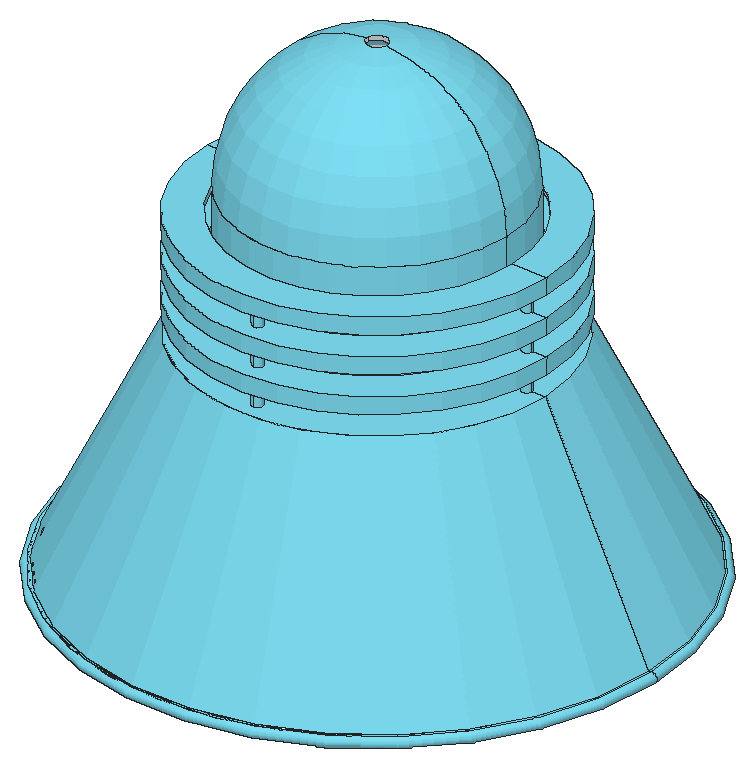
Revit family "SBHR14 SHADE", category Lighting Fixtures, Revit 2024
Family settings
  Round Connector Dimension = Use Diameter
  Part Type = Normal
  OmniClass Number = 23.80.70.00
  OmniClass Title = Lighting
  Work Plane-Based = No
  Always vertical = Yes
  Cut with Voids When Loaded = No
  Light Source = Yes
  Maintain Annotation Orientation = No
  Shared = No
  Room Calculation Point = No
Parameters
  Wattage = 12.1178 W
  built-in parameter 1150110 = 1 (stored number, unit not read)
  built-in parameter 1114217 = 1 (stored number, unit not read)
  built-in parameter 1150109 = 1 (stored number, unit not read)
  built-in parameter 1150134 = (empty or 0)
  built-in parameter 1150113 = 1 (stored number, unit not read)
  Lumens = 1800 lm
  built-in parameter 1150115 = 1 (stored number, unit not read)
  built-in parameter 1150105 = 572.96 (stored number, unit not read)
  Light Source Symbol Size = 2' - 0"
  built-in parameter 1150137 = (empty or 0)
  built-in parameter 1150139 = (empty or 0)
  built-in parameter 1150112 = 1 (stored number, unit not read)
  built-in parameter 1150114 = 1 (stored number, unit not read)
  built-in parameter 1150132 = 2
  built-in parameter 1150102 = (empty or 0)
  built-in parameter 1150138 = (empty or 0)
  built-in parameter 1150107 = 3000 (stored number, unit not read)
  built-in parameter 1150106 = 5.7296 (stored number, unit not read)
  built-in parameter 1150104 = 13.8 (stored number, unit not read)
  Dimming Lamp Color Temperature Shift = (empty or 0)
  Default Elevation = 0' - 0"
  Color Filter = 16777215
  built-in parameter 1114218 = 1 (stored number, unit not read)
  built-in parameter 1150133 = 10 (stored number, unit not read)
Reference planes (in)
  plane 1 "Light Source Axis (F/B)": y = 0
  plane 2: z = 0
  plane 3 "Light Source Axis (L/R)": x = 0
  plane 4 "Light Source Elevation": z = 84
Forms (in)
  Revolve 1, solid
    sketch origin (0, 0, 0) x (1, 0, 0) y (0, 0, 1)
      loop
        line (-6.75432, 84.15758) -> (-4.16008, 89.40625) -> (-3.15625, 89.40625) -> (-3.15625, 92.75)
        arc (-3.15625, 92.75) -> (-2.31851, 94.89159) -> (-0.25, 95.89633) r 3.15625
        line (-0.25, 95.89633) -> (-0.25, 95.99037)
        arc (-0.25, 95.99037) -> (-2.38485, 94.95794) -> (-3.25, 92.75) r 3.25
        line (-3.25, 92.75) -> (-3.25, 89.5) -> (-4.21832, 89.5) -> (-6.81322, 84.25) -> (-6.875, 84.25)
        arc (-6.875, 84.25) -> (-6.951, 84.02576) -> (-6.75432, 84.15758) r 0.125
      loop
        line (-2.09042, 91.48182) -> (-2.09042, 86.16167)
        arc (-2.09042, 86.16167) -> (-1.47815, 84.68352) -> (0, 84.07125) r 2.09042
        line (0, 84.07125) -> (0, 84.165)
        arc (0, 84.165) -> (-1.41186, 84.74981) -> (-1.99667, 86.16167) r 1.99667
        line (-1.99667, 86.16167) -> (-1.99667, 91.48182) -> (-2.09042, 91.48182)
      axis (0, 95.99037) -> (0, 84.07125)
    angle from 0 to 360
  Revolve 2, solid
    sketch origin (0, 0, 0) x (1, 0, 0) y (0, 0, 1)
      loop
        line (-3.40117, 92.18946) -> (-4.25, 92.18946) -> (-4.25, 91.79297) -> (-4.15625, 91.79297) -> (-4.15625, 92.09571) -> (-3.40117, 92.09571) -> (-3.40117, 92.18946)
      loop
        line (-3.40117, 91.29297) -> (-4.25, 91.29297) -> (-4.25, 90.89649) -> (-4.15625, 90.89649) -> (-4.15625, 91.19922) -> (-3.40117, 91.19922) -> (-3.40117, 91.29297)
      loop
        line (-3.40117, 90.39649) -> (-4.25, 90.39649) -> (-4.25, 90) -> (-4.15625, 90) -> (-4.15625, 90.30274) -> (-3.40117, 90.30274) -> (-3.40117, 90.39649)
      axis (0, 92.18946) -> (0, 90)
    angle from 0 to 360
  Sweep 3, solid
    path origin (0, 0, 0) x (1, 0, 0) y (0, 0, 1)
      loop
        line (-3.75, 89.5) -> (-3.75, 92.04408)
    profile origin (-3.75, 0, 90.77204) x (-1, 0, 0) y (0, -1, 0)
      loop
        circle (0, 0) r 0.125
  Sweep 4, solid
    path origin (0, 0, 0) x (0, -1, 0) y (0, 0, 1)
      loop
        line (-3.75, 89.5) -> (-3.75, 92.04408)
    profile origin (0, 3.75, 90.77204) x (0, 1, 0) y (-1, 0, 0)
      loop
        circle (0, 0) r 0.125
  Sweep 5, solid
    path origin (0, 0, 0) x (0, 1, 0) y (0, 0, 1)
      loop
        line (-3.75, 89.5) -> (-3.75, 92.04408)
    profile origin (0, -3.75, 90.77204) x (0, -1, 0) y (1, 0, 0)
      loop
        circle (0, 0) r 0.125
  Sweep 6, solid
    path origin (0, 0, 0) x (-1, 0, 0) y (0, 0, 1)
      loop
        line (-3.75, 89.5) -> (-3.75, 92.04408)
    profile origin (3.75, 0, 90.77204) x (1, 0, 0) y (0, 1, 0)
      loop
        circle (0, 0) r 0.125
Dimensions and locks (in)
  aligned and locked: plane 3 "Light Source Axis (L/R)" to imposter light
  aligned and locked: plane 1 "Light Source Axis (F/B)" to imposter light
  aligned and locked: plane 4 "Light Source Elevation" to imposter light
  aligned and locked: level to plane 2
